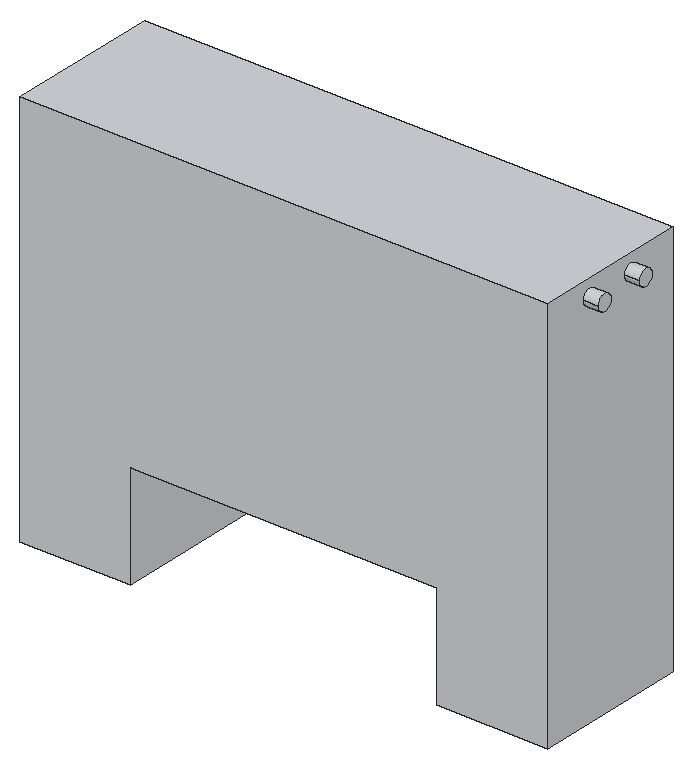
Revit family "M_Aquecedor de unidade - Armário - Vertical", category Equipamento mecânico, Revit 2019
Family settings
  Cota do conector redondo = Usar raio
  Tipo de parte = Normal
  Número OmniClass = 23.75.70.17.34
  Título OmniClass = Unit Heaters
  ID de item do Seek = Unit Heater - Cabinet - Vertical-0000-CAN-ENU
  Com base no plano de trabalho = Não
  Sempre na vertical = Sim
  Corte com vazios quando carregada = Não
  Compartilhado = Não
  Ponto de cálculo do ambiente = Não
Parameters (values of type "6 kW")
  Queda de pressão [instance] = 344737.8 Pa
  Raio da embocadura = 12.5 mm
  Diâmetro da embocadura = Raio da embocadura * 2  # 25 mm
  Raio da saída = 12.5 mm
  Diâmetro da saída = Raio da saída * 2  # 25 mm
  Carga do aquecimento [instance] = 5861.42 W
  Material do aquecedor = none
  Comprimento do aquecedor = 846.1 mm
  Fluxo [instance] = 0.13 L/s
  Inserindo a temperatura da água [instance] = 93.33 °C
Types (6, lengths in mm): name | Carga do aquecimento | Comprimento do aquecedor | Fluxo
  (no name) | 5861.42 W | 846.1 | 0.13 L/s
  6 kW | 5861.42 W | 846.1 | 0.13 L/s
  9 kW | 8792.13 W | 973.1 | 0.19 L/s
  12 kW | 11722.8 W | 1214.4 | 0.32 L/s
  15 kW | 14653.5 W | 1430.3 | 0.32 L/s
  23 kW | 23445.7 W | 1912.9 | 0.5 L/s
Reference planes
  plane 1 "Centro (Frente/Trás)": y = 0
  plane 2: z = 0
  plane 3 "Centro (Esquerda/Direita)": x = 0
  plane 4: z = 638.175
  plane 5: z = 168.275
  plane 6: z = 612.775
  plane 7: y = 250.825
  plane 8: y = 165.1
  plane 9: y = 82.55
  plane 10: x = 177.8
  plane 11: x = 668.3
  plane 12: x = 846.1
  plane 13: x = 871.5
Forms (mm)
  Extrusion 1, solid
    sketch origin (0, 0, 0) x (1, 0, 0) y (0, 1, 0)
      loop
        line (0, 250.825) -> (0, 0) -> (846.1, 0) -> (846.1, 250.825) -> (0, 250.825)
    from 0 to 638.175
  Extrusion 2, void
    sketch origin (0, 0, 0) x (1, 0, 0) y (0, 1, 0)
      loop
        line (177.8, 250.825) -> (177.8, 0) -> (668.3, 0) -> (668.3, 250.825) -> (177.8, 250.825)
    from 0 to 168.275
  Extrusion 3, solid
    sketch origin (846.1, 1399.769, 1219.2) x (0, 1, 0) y (0, 0, 1)
      loop
        circle (-1317.219, -606.425) r 12.5
      loop
        circle (-1234.669, -606.425) r 12.5
    from 0 to 25.4
Cuts and joins
  Extrusion 2 cuts Extrusion 1
Dimensions and locks
  locked: plane 4 to plane 2 at 638.175
  locked: plane 5 to plane 2 at 168.275
  locked: plane 4 to plane 6 at 25.4
  locked: plane 1 "Centro (Frente/Trás)" to plane 7 at 250.825
  locked: plane 1 "Centro (Frente/Trás)" to plane 9 at 82.55
  locked: plane 8 to plane 9 at 82.55
  "Comprimento do aquecedor": plane 3 "Centro (Esquerda/Direita)" to plane 12
  locked: plane 12 to plane 13 at 25.4
  plane 3 "Centro (Esquerda/Direita)" to plane 10 = 177.8 mm
  plane 11 to plane 12 = 177.8 mm
  "Raio da embocadura": radius of Extrusion 3 sketch curve
  "Raio da saída": radius of Extrusion 3 sketch curve
  aligned and locked: plane 7 to Extrusion 1
  aligned and locked: plane 12 to Extrusion 1
  aligned and locked: Extrusion 1 to plane 3 "Centro (Esquerda/Direita)"
  aligned and locked: plane 4 to Extrusion 1
  aligned and locked: plane 10 to Extrusion 2 sketch curve
  aligned and locked: Extrusion 2 sketch curve to plane 7
  aligned and locked: plane 1 "Centro (Frente/Trás)" to Extrusion 2 sketch curve
  aligned and locked: Extrusion 2 sketch curve to plane 11
  aligned and locked: Extrusion 2 to level
  aligned and locked: plane 9 to Extrusion 3 sketch curve
  aligned and locked: plane 6 to Extrusion 3 sketch curve  (x2)
  aligned and locked: plane 8 to Extrusion 3 sketch curve
  aligned and locked: plane 13 to Extrusion 3
  aligned and locked: Extrusion 3 to plane 12
Automatic sketch dimensions
  Extrusion 1 sketch curve to plane 1 "Centro (Frente/Trás)" = 0 mm
  Extrusion 1 sketch curve to plane 3 "Centro (Esquerda/Direita)" = 0 mm
  Extrusion 1 sketch curve to plane 7 = 0 mm
  Extrusion 1 sketch curve to plane 13 = 25.4 mm
Connectors
  piping at (871.5, 165.1, 612.775), diameter 25, driven by "Queda de pressão", driven by "Fluxo", driven by "Raio da saída"
    settings: on Extrusion 3, index 1, connector inside diameter 25 mm, connector length 0 mm, flow factor 0, pipe flow 0.13 L/s, pressure drop 344737.8 Pa, fitting loss kfactor 0, connector angle 0.00°, fixture units 0, engagement length 0 mm, angle of deflection 0.00°, flow configuration 1, flow direction 2, fitting loss method 4, system type 8, joint type 0, gender type 0, connector reference index 2, connector utility 0, adjustable connector no, is connector primary yes, connector description "Retorno do hidrônico de água quente"
  piping at (871.5, 82.55, 612.775), diameter 25, driven by "Fluxo", driven by "Raio da embocadura"
    settings: on Extrusion 3, index 2, connector inside diameter 25 mm, connector length 0 mm, flow factor 0, pipe flow 0.13 L/s, pressure drop 0.0 Pa, fitting loss kfactor 0, connector angle 0.00°, fixture units 0, engagement length 0 mm, angle of deflection 0.00°, flow configuration 1, flow direction 1, fitting loss method 0, system type 7, joint type 0, gender type 0, connector reference index 1, connector utility 0, adjustable connector no, is connector primary no, connector description "Fornecimento do hidrônico de água quente"
